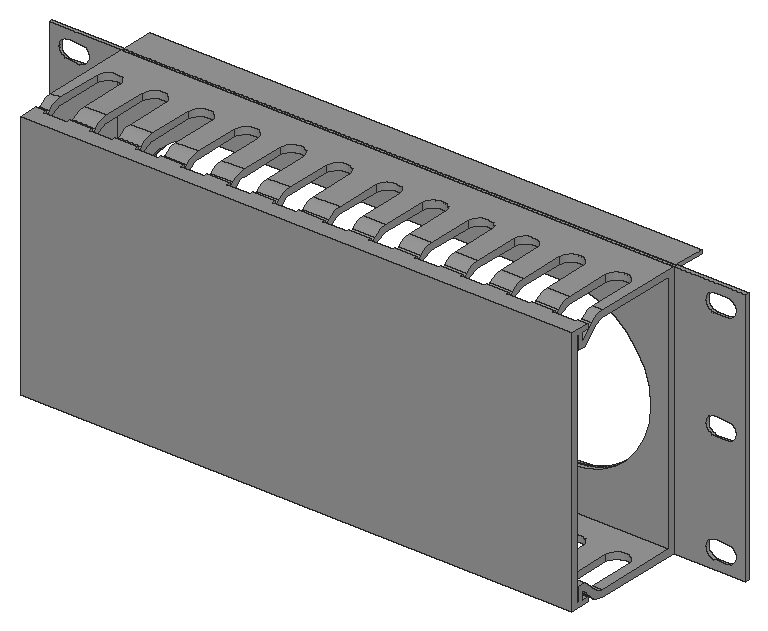
Revit family "ITK by ZPAS__Органайзер кабельный с крышкой 19_1U_12 слотов", category Обобщенные модели, Revit 2019
Family settings
  Может служить основой для арматурных стержней = Нет
  Размер круглого соединителя = Использовать диаметр
  Тип детали = Нормальный
  На основе рабочей плоскости = Нет
  Всегда вертикально = Да
  При загрузке вырезать с полостями = Нет
  Общий = Нет
  Точка расчета площади = Нет
Parameters (values of type "ZP-CO05-2U-12-P-C")
  Ширина = 241 mm
  Степень защиты = ""
  Материал = Окраска - RAL 9005
  Изготовитель = "ITK"  # constant formula
  Дата изменения = ""
  Глубина = 45 mm
  Высота = 89 mm
  Тип монтажа = ""
  URL = "https://www.iek.ru/"
  KSI_CPr_Строительные изделия = "61.1.04.08"  # constant formula
  KSI_CMa_Строительные материалы = "01.7.14.03"
  IEK_Цена за единицу = 1247.95
  IEK_Поиск в таблице имен = ""
  IEK_Описание = "На тыльной стороне органайзера имеются отверстия для ввода кабелей.\r\nCъемная лицевая крышка.\r\nМонтажная высота 1U и 2U."
  IEK_URL = "https://www.itk-group.ru/produktsiya/catalog/oborudovanie_telekommunikatsionnoe/kompleksnye_resheniya_dlya_tsod/shkafy_i_aksessuary_dlya_tsod/komplektuyushchie_i_aksessuary_dlya_shkafov_itk_by_zpas/kabelnye_organizatory_itk_by_zpas/itk_by_zpas_organayzer_kabelnyy_plastikovyy_s_kryshkoy_19_2u_12_slotov_chernyy"
  ADSK_Примечание = ""
  ADSK_Позиция [instance] = ""
  ADSK_Наименование = "ITK by ZPAS Органайзер пласт. с крышкой 19\" 2U 12 сл. черн."
  ADSK_Материал обозначение = ""
  ADSK_Материал наименование = "Пластик"
  ADSK_Масса = 0.45
  ADSK_Марка = "by ZPAS"  # constant formula
  ADSK_Код изделия = "ZP-CO05-2U-12-P-C"
  ADSK_Завод-изготовитель = "IEK"  # constant formula
  ADSK_Единица измерения = "шт"  # constant formula
  ADSK_Группирование = "I. ЩИТЫ И ПУЛЬТЫ"  # constant formula
  ADSK_Версия семейства = "1.0"  # constant formula
  ADSK_Версия Revit = "2019"  # constant formula
  ADSK_URL страницы изделия = "https://www.itk-group.ru/produktsiya/catalog/oborudovanie_telekommunikatsionnoe/kompleksnye_resheniya_dlya_tsod/shkafy_i_aksessuary_dlya_tsod/komplektuyushchie_i_aksessuary_dlya_shkafov_itk_by_zpas/kabelnye_organizatory_itk_by_zpas/?pagec=50"
Types (3, lengths in mm): name | Высота | KSI_CMa_Строительные материалы | IEK_Цена за единицу | IEK_URL | ADSK_Наименование | ADSK_Материал наименование | ADSK_Масса | ADSK_Код изделия
  ZP-CO05-1U-12-M-C | 44.5 | "10.03.02.06" | 784.72 | "https://www.itk-group.ru/produktsiya/catalog/oborudovanie_telekommunikatsionnoe/kompleksnye_resheniya_dlya_tsod/shkafy_i_aksessuary_dlya_tsod/komplektuyushchie_i_aksessuary_dlya_shkafov_itk_by_zpas/kabelnye_organizatory_itk_by_zpas/itk_by_zpas_organayzer_kabelnyy_metallicheskiy_s_kryshkoy_19_1u_12_slotov_chernyy" | "ITK by ZPAS Органайзер мет. с крышкой 19\" 1U 12 сл. черн." | "Листовая сталь" | 0.7 | "ZP-CO05-1U-12-M-C"
  ZP-CO05-1U-12-P-C | 44.5 | "01.7.14.03" | 847.42 | "https://www.itk-group.ru/produktsiya/catalog/oborudovanie_telekommunikatsionnoe/kompleksnye_resheniya_dlya_tsod/shkafy_i_aksessuary_dlya_tsod/komplektuyushchie_i_aksessuary_dlya_shkafov_itk_by_zpas/kabelnye_organizatory_itk_by_zpas/itk_by_zpas_organayzer_kabelnyy_plastikovyy_s_kryshkoy_19_1u_12_slotov_chernyy" | "ITK by ZPAS Органайзер пласт. с крышкой 19\" 1U 12 сл. черн." | "Пластик" | 0.3 | "ZP-CO05-1U-12-P-C"
  ZP-CO05-2U-12-P-C | 89 | "01.7.14.03" | 1247.95 | "https://www.itk-group.ru/produktsiya/catalog/oborudovanie_telekommunikatsionnoe/kompleksnye_resheniya_dlya_tsod/shkafy_i_aksessuary_dlya_tsod/komplektuyushchie_i_aksessuary_dlya_shkafov_itk_by_zpas/kabelnye_organizatory_itk_by_zpas/itk_by_zpas_organayzer_kabelnyy_plastikovyy_s_kryshkoy_19_2u_12_slotov_chernyy" | "ITK by ZPAS Органайзер пласт. с крышкой 19\" 2U 12 сл. черн." | "Пластик" | 0.45 | "ZP-CO05-2U-12-P-C"
Reference planes
  plane 1 "По центру (Вперед/Назад)": y = 0
  plane 2: z = 0
  plane 3 "По центру (Влево/Вправо)": x = 0
  plane 4: x = -120.5
  plane 5: x = 120.5
  plane 6: y = -45
  plane 7: z = 89
  plane 8: z = 44.5
Forms (mm)
  Extrusion 1, solid, material "Окраска - RAL 9005" <- "Материал", detail levels fine
    sketch origin (120.5, 0, 0.198) x (1, 0, 0) y (0, 1, 0)
      loop
        line (-241, 0) -> (-241, -1) -> (0, -1) -> (0, 0) -> (-241, 0)
    from -0.198 to 88.802
  Extrusion 2, solid, material "Окраска - RAL 9005" <- "Материал", detail levels fine
    sketch origin (-110.5, 2000, 1200.198) x (0, 1, 0) y (0, 0, 1)
      loop
        line (-1989, -1111.198) -> (-2000, -1111.198) -> (-2000, -1112.5) -> (-1989, -1112.5) -> (-1989, -1111.198)
      loop
        line (-1992.467, -1200.198) -> (-1992.467, -1199) -> (-2000, -1199) -> (-2000, -1200.198) -> (-1992.467, -1200.198)
    from 15 to 206
  Extrusion 3, solid, material "Окраска - RAL 9005" <- "Материал", detail levels fine
    sketch origin (-120.5, 2000, 1200.198) x (0, 1, 0) y (0, 0, 1)
      loop
        line (-2002.964, -1113.533) -> (-2031.639, -1113.533)
        arc (-2031.639, -1113.533) -> (-2033.467, -1113.859) -> (-2035.043, -1114.842) r 4.903
        line (-2035.043, -1114.842) -> (-2039.626, -1119.098) -> (-2042.093, -1119.098) -> (-2042.093, -1114.211) -> (-2042.982, -1114.211) -> (-2042.982, -1197.289) -> (-2042.093, -1197.289) -> (-2042.093, -1192.402) -> (-2039.626, -1192.402) -> (-2035.043, -1196.658)
        arc (-2035.043, -1196.658) -> (-2033.467, -1197.641) -> (-2031.639, -1197.967) r 4.903
        line (-2031.639, -1197.967) -> (-2002.964, -1197.967) -> (-2002.964, -1113.533)
      loop
        line (-2001, -1111.198) -> (-2031.626, -1111.198)
        arc (-2031.626, -1111.198) -> (-2034.258, -1111.698) -> (-2036.515, -1113.141) r 7.063
        line (-2036.515, -1113.141) -> (-2040.987, -1117.632) -> (-2040.987, -1114.211) -> (-2038.167, -1114.211) -> (-2038.167, -1112.632) -> (-2045, -1112.632) -> (-2045, -1198.868) -> (-2038.167, -1198.868) -> (-2038.167, -1197.289) -> (-2040.987, -1197.289) -> (-2040.987, -1193.868) -> (-2036.481, -1198.286)
        arc (-2036.481, -1198.286) -> (-2034.238, -1199.711) -> (-2031.626, -1200.198) r 7.014
        line (-2031.626, -1200.198) -> (-2001, -1200.198) -> (-2001, -1111.198)
    from 25 to 216
  Extrusion 4, void
    sketch origin (120.5, 0, 0.198) x (-1, 0, 0) y (0, 0, 1)
      loop
        line (230.5, 41.052) -> (234.499, 41.052)
        arc (234.499, 41.052) -> (237.749, 44.302) -> (234.499, 47.552) r 3.25
        line (234.499, 47.552) -> (230.503, 47.552)
        arc (230.503, 47.552) -> (227.25, 44.303) -> (230.5, 41.052) r 3.25
      loop
        line (234.5, 9.25) -> (230.501, 9.25)
        arc (230.501, 9.25) -> (227.251, 6) -> (230.501, 2.75) r 3.25
        line (230.501, 2.75) -> (234.498, 2.75)
        arc (234.498, 2.75) -> (237.75, 5.999) -> (234.5, 9.25) r 3.25
      loop
        line (230.5, 79.25) -> (234.499, 79.25)
        arc (234.499, 79.25) -> (237.749, 82.5) -> (234.499, 85.75) r 3.25
        line (234.499, 85.75) -> (230.503, 85.75)
        arc (230.503, 85.75) -> (227.25, 82.502) -> (230.5, 79.25) r 3.25
      loop
        arc (59.502, 72.465) -> (31.339, 44.302) -> (59.502, 16.138) r 28.163
        line (59.502, 16.138) -> (181.498, 16.138)
        arc (181.498, 16.138) -> (209.661, 44.302) -> (181.498, 72.465) r 28.163
        line (181.498, 72.465) -> (59.502, 72.465)
      loop
        arc (10.5, 41.05) -> (13.75, 44.302) -> (10.497, 47.55) r 3.25
        line (10.497, 47.55) -> (6.501, 47.55)
        arc (6.501, 47.55) -> (3.251, 44.3) -> (6.501, 41.05) r 3.25
        line (6.501, 41.05) -> (10.5, 41.05)
      loop
        arc (6.5, 9.25) -> (3.25, 5.999) -> (6.502, 2.75) r 3.25
        line (6.502, 2.75) -> (10.499, 2.75)
        arc (10.499, 2.75) -> (13.749, 6) -> (10.499, 9.25) r 3.25
        line (10.499, 9.25) -> (6.5, 9.25)
      loop
        arc (10.5, 79.25) -> (13.75, 82.502) -> (10.497, 85.75) r 3.25
        line (10.497, 85.75) -> (6.501, 85.75)
        arc (6.501, 85.75) -> (3.251, 82.5) -> (6.501, 79.25) r 3.25
        line (6.501, 79.25) -> (10.5, 79.25)
    from -15.25 to 11
  Extrusion 5, void
    sketch origin (120.5, 0, 0.198) x (1, 0, 0) y (0, 1, 0)
      loop
        line (-204.479, -39.115) -> (-204.479, -16.303)
        arc (-204.479, -16.303) -> (-208.56, -12.223) -> (-212.64, -16.303) r 4.08
        line (-212.64, -16.303) -> (-212.64, -39.115) -> (-204.479, -39.115)
      loop
        line (-188.598, -39.115) -> (-188.598, -16.303)
        arc (-188.598, -16.303) -> (-192.679, -12.223) -> (-196.759, -16.303) r 4.08
        line (-196.759, -16.303) -> (-196.759, -39.115) -> (-188.598, -39.115)
      loop
        line (-172.717, -39.115) -> (-172.717, -16.303)
        arc (-172.717, -16.303) -> (-176.798, -12.223) -> (-180.878, -16.303) r 4.08
        line (-180.878, -16.303) -> (-180.878, -39.115) -> (-172.717, -39.115)
      loop
        line (-156.836, -39.115) -> (-156.836, -16.303)
        arc (-156.836, -16.303) -> (-160.917, -12.223) -> (-164.997, -16.303) r 4.08
        line (-164.997, -16.303) -> (-164.997, -39.115) -> (-156.836, -39.115)
      loop
        line (-140.955, -39.115) -> (-140.955, -16.303)
        arc (-140.955, -16.303) -> (-145.036, -12.223) -> (-149.116, -16.303) r 4.08
        line (-149.116, -16.303) -> (-149.116, -39.115) -> (-140.955, -39.115)
      loop
        line (-125.074, -39.115) -> (-125.074, -16.303)
        arc (-125.074, -16.303) -> (-129.155, -12.223) -> (-133.235, -16.303) r 4.08
        line (-133.235, -16.303) -> (-133.235, -39.115) -> (-125.074, -39.115)
      loop
        line (-36.521, -39.115) -> (-28.36, -39.115) -> (-28.36, -16.303)
        arc (-28.36, -16.303) -> (-32.44, -12.223) -> (-36.521, -16.303) r 4.08
        line (-36.521, -16.303) -> (-36.521, -39.115)
      loop
        line (-52.402, -39.115) -> (-44.241, -39.115) -> (-44.241, -16.303)
        arc (-44.241, -16.303) -> (-48.321, -12.223) -> (-52.402, -16.303) r 4.08
        line (-52.402, -16.303) -> (-52.402, -39.115)
      loop
        line (-68.283, -39.115) -> (-60.122, -39.115) -> (-60.122, -16.303)
        arc (-60.122, -16.303) -> (-64.202, -12.223) -> (-68.283, -16.303) r 4.08
        line (-68.283, -16.303) -> (-68.283, -39.115)
      loop
        line (-84.164, -39.115) -> (-76.003, -39.115) -> (-76.003, -16.303)
        arc (-76.003, -16.303) -> (-80.083, -12.223) -> (-84.164, -16.303) r 4.08
        line (-84.164, -16.303) -> (-84.164, -39.115)
      loop
        line (-100.045, -39.115) -> (-91.884, -39.115) -> (-91.884, -16.303)
        arc (-91.884, -16.303) -> (-95.964, -12.223) -> (-100.045, -16.303) r 4.08
        line (-100.045, -16.303) -> (-100.045, -39.115)
      loop
        line (-115.926, -39.115) -> (-107.765, -39.115) -> (-107.765, -16.303)
        arc (-107.765, -16.303) -> (-111.845, -12.223) -> (-115.926, -16.303) r 4.08
        line (-115.926, -16.303) -> (-115.926, -39.115)
    from -7.955 to 93.27
  Extrusion 6, solid, material "Условный материал-отделка", detail levels coarse+medium
    sketch origin (0, 0, 0) x (1, 0, 0) y (0, 1, 0)
      loop
        line (-120.5, 0) -> (-120.5, -45) -> (120.5, -45) -> (120.5, 0) -> (-120.5, 0)
    from 0 to 89 <- "Высота"
  Extrusion 7, solid, material "Условный материал-отделка", detail levels coarse+medium
    sketch origin (0, 0, 0) x (1, 0, 0) y (0, 1, 0)
      loop
        line (-120.5, 0) -> (-120.5, -45) -> (120.5, -45) -> (120.5, 0) -> (-120.5, 0)
    from 0 to 89 <- "Высота"
Cuts and joins
  Extrusion 4, Extrusion 5 cuts Extrusion 3
  Extrusion 4 cuts Extrusion 2
  Extrusion 4 cuts Extrusion 1
Dimensions and locks
  equal spacing: plane 4, plane 3 "По центру (Влево/Вправо)", plane 5
  "Ширина": plane 4 to plane 5
  "Глубина": plane 1 "По центру (Вперед/Назад)" to plane 6
  "Высота": plane 7 to level
  equal spacing: plane 7, plane 8, level
  locked: plane 7 to Extrusion 4 sketch curve at 16.337
  aligned and locked: level to plane 2
  aligned and locked: Extrusion 3 to cut or joined group of Extrusion 2, Extrusion 4
  aligned and locked: plane 7 to Extrusion 3 sketch curve
  aligned and locked: level to Extrusion 3 sketch curve
  aligned and locked: plane 7 to Extrusion 1
  aligned and locked: Extrusion 1 to level
  aligned and locked: Extrusion 2 to level
  aligned and locked: plane 7 to Extrusion 2
Automatic sketch dimensions
  Extrusion 1 sketch curve to plane 4 = 0 mm
  Extrusion 1 sketch curve to plane 5 = 0 mm
  plane 1 "По центру (Вперед/Назад)" to Extrusion 1 sketch curve = 0 mm
  Extrusion 1 sketch curve to Extrusion 1 sketch curve = 1 mm
  plane 6 to Extrusion 5 sketch curve = 5.885 mm  (x12)
  plane 4 to Extrusion 5 sketch curve = 28.36 mm
  Extrusion 5 sketch curve to Extrusion 5 sketch curve = 4.08 mm  (x12)
  Extrusion 5 sketch curve to Extrusion 5 sketch curve = 7.72 mm  (x10)
  plane 3 "По центру (Влево/Вправо)" to Extrusion 5 sketch curve = 4.574 mm
  plane 1 "По центру (Вперед/Назад)" to Extrusion 5 sketch curve = 16.303 mm  (x2)
  Extrusion 5 sketch curve to Extrusion 5 sketch curve = 0 mm  (x10)
  Extrusion 6 sketch curve to plane 4 = 0 mm
  Extrusion 6 sketch curve to plane 5 = 0 mm
  Extrusion 6 sketch curve to plane 6 = 0 mm
  plane 1 "По центру (Вперед/Назад)" to Extrusion 6 sketch curve = 0 mm
  Extrusion 7 sketch curve to plane 4 = 0 mm
  Extrusion 7 sketch curve to plane 5 = 0 mm
  Extrusion 7 sketch curve to plane 6 = 0 mm
  plane 1 "По центру (Вперед/Назад)" to Extrusion 7 sketch curve = 0 mm
  Extrusion 2 sketch curve to plane 1 "По центру (Вперед/Назад)" = 0 mm  (x2)
  level to Extrusion 2 sketch curve = 1.198 mm
  Extrusion 2 sketch curve to Extrusion 2 sketch curve = 7.533 mm
  Extrusion 2 sketch curve to plane 1 "По центру (Вперед/Назад)" = 11 mm
  level to Extrusion 2 sketch curve = 0 mm
  Extrusion 2 sketch curve to Extrusion 2 sketch curve = 1.302 mm
  Extrusion 2 sketch curve to plane 7 = 1.302 mm
  Extrusion 3 sketch curve to plane 6 = 0 mm
  plane 6 to Extrusion 3 sketch curve = 2.018 mm
  Extrusion 3 sketch curve to Extrusion 3 sketch curve = 0.889 mm  (x2)
  Extrusion 3 sketch curve to Extrusion 3 sketch curve = 1.106 mm  (x2)
  Extrusion 3 sketch curve to Extrusion 3 sketch curve = 1.361 mm  (x2)
  Extrusion 3 sketch curve to Extrusion 3 sketch curve = 2.82 mm  (x2)
  level to Extrusion 3 sketch curve = 1.33 mm
  Extrusion 3 sketch curve to plane 7 = 1.943 mm
  Extrusion 3 sketch curve to Extrusion 3 sketch curve = 1.653 mm
  level to Extrusion 3 sketch curve = 1.912 mm
  Extrusion 3 sketch curve to Extrusion 3 sketch curve = 1.687 mm
  Extrusion 3 sketch curve to plane 7 = 3.644 mm
  Extrusion 3 sketch curve to Extrusion 3 sketch curve = 1.472 mm
  level to Extrusion 3 sketch curve = 3.54 mm
  Extrusion 3 sketch curve to Extrusion 3 sketch curve = 1.437 mm
  Extrusion 3 sketch curve to Extrusion 3 sketch curve = 3.336 mm  (x2)
  Extrusion 3 sketch curve to Extrusion 3 sketch curve = 0.04 mm
  Extrusion 3 sketch curve to Extrusion 3 sketch curve = 0.057 mm
  Extrusion 3 sketch curve to Extrusion 3 sketch curve = 3.405 mm  (x2)
  Extrusion 3 sketch curve to Extrusion 3 sketch curve = 0.013 mm  (x2)
  plane 1 "По центру (Вперед/Назад)" to Extrusion 3 sketch curve = 2.964 mm
  plane 1 "По центру (Вперед/Назад)" to Extrusion 3 sketch curve = 1 mm
  level to Extrusion 3 sketch curve = 2.231 mm
  level to Extrusion 3 sketch curve = 2.91 mm
  Extrusion 3 sketch curve to Extrusion 3 sketch curve = 0 mm  (x2)
  Extrusion 3 sketch curve to Extrusion 3 sketch curve = 3.421 mm
  Extrusion 3 sketch curve to Extrusion 3 sketch curve = 1.466 mm  (x2)
  Extrusion 3 sketch curve to Extrusion 3 sketch curve = 4.256 mm
  Extrusion 3 sketch curve to Extrusion 3 sketch curve = 0.173 mm
  Extrusion 3 sketch curve to plane 7 = 3.013 mm
  Extrusion 3 sketch curve to plane 7 = 1.434 mm
  Extrusion 4 sketch curve to plane 8 = 0 mm  (x2)
  Extrusion 4 sketch curve to plane 5 = 6.5 mm
  plane 8 to Extrusion 4 sketch curve = 3.248 mm
  Extrusion 4 sketch curve to plane 5 = 6.501 mm  (x2)
  Extrusion 4 sketch curve to plane 7 = 3.052 mm
  Extrusion 4 sketch curve to Extrusion 4 sketch curve = 0.002 mm  (x2)
  Extrusion 4 sketch curve to Extrusion 4 sketch curve = 3.995 mm  (x2)
  Extrusion 4 sketch curve to Extrusion 4 sketch curve = 3.998 mm  (x2)
  Extrusion 4 sketch curve to Extrusion 4 sketch curve = 0.003 mm  (x3)
  Extrusion 4 sketch curve to plane 8 = 0.002 mm
  Extrusion 4 sketch curve to Extrusion 4 sketch curve = 49.002 mm
  plane 4 to Extrusion 4 sketch curve = 59.502 mm
  plane 4 to Extrusion 4 sketch curve = 10.5 mm  (x2)
  plane 8 to Extrusion 4 sketch curve = 0 mm
  plane 4 to Extrusion 4 sketch curve = 10.499 mm
  plane 8 to Extrusion 4 sketch curve = 3.25 mm
  Extrusion 4 sketch curve to Extrusion 4 sketch curve = 3.999 mm  (x2)
  level to Extrusion 4 sketch curve = 9.448 mm  (x2)
  Extrusion 4 sketch curve to Extrusion 4 sketch curve = 3.25 mm  (x3)
  Extrusion 4 sketch curve to plane 7 = 9.552 mm
  Extrusion 4 sketch curve to Extrusion 4 sketch curve = 6.5 mm
